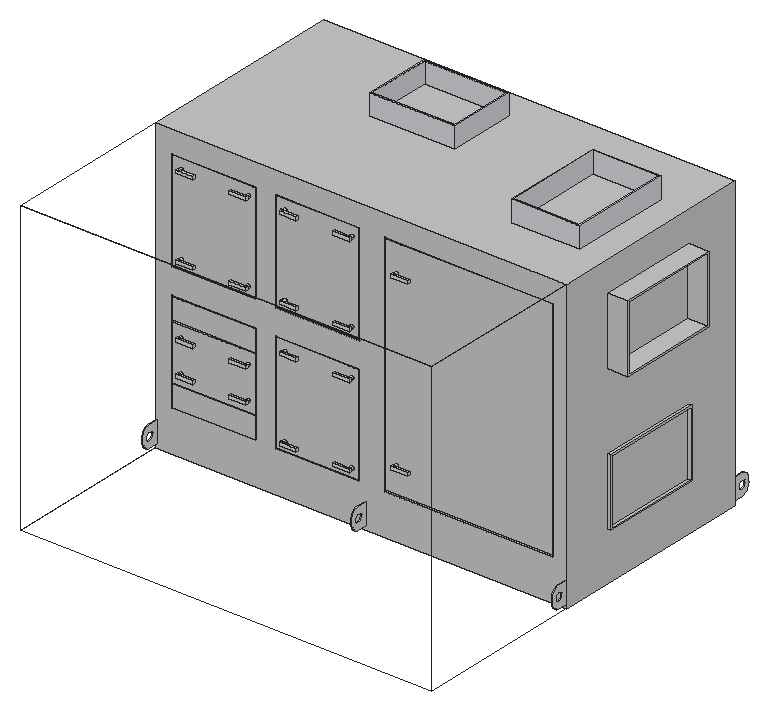
Revit family "DN-2IN-2FP-EC", category Mechanical Equipment, Revit 2016
Family settings
  Part Type = Normal
  Round Connector Dimension = Use Diameter
  OmniClass Number = 23.75.00.00
  OmniClass Title = Climate Control (HVAC)
  Work Plane-Based = No
  Always vertical = Yes
  Cut with Voids When Loaded = No
  Shared = No
  Room Calculation Point = No
Parameters (values of type "2 @ 1.35 kW ea.")
  Voltage [instance] = "200-277 V"
  Unit Weight Range (lbs) [instance] = "1850-2025 lbs."
  Max. Shipping Weight (lbs) [instance] = "2050-2225 lbs."
  Unit Dimensions(L x W x H) [instance] = "103-1/2\" x 59-1/8\" x 73-7/8\""
  Shipping Dimensions (L x W x H) [instance] = "120\" x 90\" x 79\""
  Unit [instance] = Renewaire - Galvanized Steel
  URL = "www.renewaire.com"
  Typical Airflow Range = "375-1,650 CFM"
  Standard Features [instance] = "EC Motors for both airstreams, Direct drive backward inclined plenum, Higher ESP of up to 2\" w.g. at 1,500 CFM, Integrated programmable controls, True 100% face and bypass enthalpy based modulating economizer, Class 1 low leakage motorized isolation dampers, Stainless steel double-sloped drain pan with cooling option, 1\" Double wall foam injected 20 gauge galvanized panel construction with R6.5 insulation"
  Service Area Visibility [instance] = yes
  Service Area Box [instance] = Renewaire - Interference
  Revit Object Download Link [instance] = ""
  Phase [instance] = "Single"
  Options [instance] = "DX, heat pump, or chilled water cooling coil, Modulating hot gas reheat, Steam or hot water coil, Onboard variable frequency drives (VFDs) - both airstreams, Fused disconnect, Spring isolators (VFDs only), 2\" Double wall foam injected 20 gauge galvanized panel construction with R13 insulation, Exterior paint - grey, white, custom color, BACNET factory activation, GFCI convenience outlet, Recirculation damper, Drain overflow switch, Electrofin coating for coils"
  Number Motors [instance] = "Qty. 2, Direct drive motorized impeller packages"
  Model = "DN-2IN-2FP-EC"
  Minimum Circuit Amps [instance] = "15.1 A"
  Maximum Overcurrent Protection [instance] = "20 A"
  Manufacturer = "Renewaire LLC"
  Inlets/Outlets [instance] = "OA & RA Inlets: 24\" x 16\", SA Outlet: 24\" x 16\", EA Outlet: 20\" x 16\""
  Frequency [instance] = "50/60 Hz"
  Filters [instance] = "Total qty. 4, MERV 8: 16\" x 20\" x 2\""
  FLA per Motor [instance] = "6.7-4.8"
  Energy Recovery Type [instance] = "Static plate total energy transfer"
  Description = "Energy Recovery Ventilator"
  Accessories [instance] = "Filters - MERV 13, 2\"  and 4\" (shipped loose), MERV 14, 2\" and 4\" (shipped loose), Additional filters available upon request, Duct mounted electric pre-heater (separately powered), Carbon dioxide sensor/control - wall mount (CO2-W), duct mount (CO2-D), IAQ sensor - wall mount (IAQ-W), duct mount (IAQ-D), Motion occupancy sensor/control - ceiling mount (MC-C), wall mount (MC-W), Smoke detector, Room temperature and humidity sensor, Duct static pressure sensor with display to 10\", without display 0-2\", Room pressure sensor with display to 1\", without display 0-1\", Waterless trap negative pressure, waterless trap positive pressure, Remote display"
  AHRI 1060 Certified Core [instance] = "One L-62-G5 and one L-125-G5"
Types (7): name | Voltage | Phase | Minimum Circuit Amps | Maximum Overcurrent Protection | FLA per Motor
  (no name) | "200-277 V" | "Single" | "15.1 A" | "20 A" | "6.7-4.8"
  2 @ 1.35 kW ea. | "200-277 V" | "Single" | "15.1 A" | "20 A" | "6.7-4.8"
  2 @ 2.70 kW ea. | "200-240 V" | "Three" | "19.4 A" | "25 A" | "8.6-7.2"
  2 @ 3.70 kW ea. | "380-480 V" | "Three" | "13.5 A" | "15 A" | "6.0-4.6"
  2 @ 3HP ea. 208-230V | "208-230 V" | "Three" | "20.3 A" | "25" | "9-8.4/4.2"
  2 @ 3HP ea. 460V | "460V" | "Three" | "9.5 A" | "15 A" | "4.2"
  2 @ 3HP ea. 575V | "575V" | "Three" | "7.4 A" | "15 A" | "3.3"
Reference planes (in)
  plane 1 "Center (Front/Back)": y = 0
  plane 2: z = 0
  plane 3 "Center (Left/Right)": x = 0
  plane 4: x = -37.375
Forms (in)
  Extrusion 1, solid, material "Renewaire - Galvanized Steel" <- "Unit"
    sketch origin (0, 1.00005, 0) x (1, 0, 0) y (0, 1, 0)
      loop
        line (-37.375, 23.99995) -> (-37.375, -26.00005) -> (60, -26.00005) -> (60, 23.99995) -> (-37.375, 23.99995)
    from 0 to 68.875
  Extrusion 2, void
    sketch origin (-0.17691, 0, 0) x (1, 0, 0) y (0, 0, 1)
      loop
        line (-33.22023, 63.824) -> (-33.22023, 39.82399) -> (-13.22023, 39.82399) -> (-13.22023, 63.824) -> (-33.22023, 63.824)
      loop
        line (-8.69064, 63.824) -> (-8.69064, 39.82399) -> (11.30935, 39.82399) -> (11.30935, 63.824) -> (-8.69064, 63.824)
      loop
        line (-33.22023, 33.824) -> (-33.22023, 9.824) -> (-13.22023, 9.824) -> (-13.22023, 33.824) -> (-33.22023, 33.824)
      loop
        line (-8.69064, 33.824) -> (-8.69064, 9.824) -> (11.30935, 9.824) -> (11.30935, 33.824) -> (-8.69064, 33.824)
      loop
        line (17.22532, 63.824) -> (17.22532, 9.824) -> (57.22532, 9.824) -> (57.22532, 63.824) -> (17.22532, 63.824)
    from 24 to 26
  Extrusion 3, void
    sketch origin (-0.17691, 1.00005, 0) x (1, 0, 0) y (0, 1, 0)
      loop
        line (-35.19809, 21.99995) -> (-35.19809, -24.00005) -> (57.89381, -24.00005) -> (57.89381, 21.99995) -> (-35.19809, 21.99995)
    from 0 to 6
  Extrusion 4, solid, material "Renewaire - Galvanized Steel" <- "Unit"
    sketch origin (0, -1, 0) x (0, 1, 0) y (0, 0, 1)
      loop
        line (-12.00006, 61.824) -> (-12.00006, 45.824) -> (11.99994, 45.824) -> (11.99994, 61.824) -> (-12.00006, 61.824)
      loop
        line (-11.75006, 61.574) -> (-11.75006, 46.074) -> (11.74994, 46.074) -> (11.74994, 61.574) -> (-11.75006, 61.574)
    from 60 to 65
  Extrusion 5, void
    sketch origin (-0.17691, 0, 0) x (1, 0, 0) y (0, 1, 0)
      loop
        line (-30.19809, 17.07542) -> (-30.19809, -6.92458) -> (-14.19808, -6.92458) -> (-14.19808, 17.07542) -> (-30.19809, 17.07542)
      loop
        line (37.0919, 10.95041) -> (37.0919, -13.04959) -> (53.09189, -13.04959) -> (53.09189, 10.95041) -> (37.0919, 10.95041)
    from 5 to 6.125
  Extrusion 6, solid, material "Renewaire - Galvanized Steel" <- "Unit"
    sketch origin (-0.1769, 0, 0) x (1, 0, 0) y (0, 0, 1)
      loop
        line (11.30935, 61.82401) -> (-8.69064, 61.82401) -> (-8.69064, 45.82401) -> (11.30935, 45.82401) -> (11.30935, 61.82401)
      loop
        line (11.05935, 61.57401) -> (-8.44064, 61.57401) -> (-8.44064, 46.07401) -> (11.05935, 46.07401) -> (11.05935, 61.57401)
    from -25 to -30
  Extrusion 7, solid, material "Renewaire - Galvanized Steel" <- "Unit"
    sketch origin (0, -1.04951, 0) x (0, 1, 0) y (0, 0, 1)
      loop
        line (18.60019, 30.89209) -> (-5.39982, 30.89209) -> (-5.39982, 14.89209) -> (18.60019, 14.89209) -> (18.60019, 30.89209)
      loop
        line (18.35019, 30.64209) -> (-5.14982, 30.64209) -> (-5.14982, 15.14209) -> (18.35019, 15.14209) -> (18.35019, 30.64209)
    from -37.375 to -38.375
  Extrusion 8, solid, material "Renewaire - Galvanized Steel" <- "Unit"
    sketch origin (0, -1, 0) x (0, 1, 0) y (0, 0, 1)
      loop
        line (-12.00006, 27.784) -> (-12.00006, 11.78399) -> (11.99994, 11.78399) -> (11.99994, 27.784) -> (-12.00006, 27.784)
      loop
        line (-11.75006, 27.534) -> (-11.75006, 12.03399) -> (11.74994, 12.03399) -> (11.74994, 27.534) -> (-11.75006, 27.534)
    from 60 to 61
  Extrusion 9, solid, material "Renewaire - Galvanized Steel" <- "Unit"
    sketch origin (-0.17691, 0, 0) x (1, 0, 0) y (0, 0, 1)
      loop
        line (17.47532, 63.574) -> (17.47532, 10.324) -> (56.97532, 10.324) -> (56.97532, 63.574) -> (17.47532, 63.574)
      loop
        line (-32.97023, 63.574) -> (-32.97023, 40.07399) -> (-13.47023, 40.07399) -> (-13.47023, 63.574) -> (-32.97023, 63.574)
      loop
        line (-8.44064, 63.574) -> (-8.44064, 40.07399) -> (11.05935, 40.07399) -> (11.05935, 63.574) -> (-8.44064, 63.574)
      loop
        line (-8.44064, 33.574) -> (-8.44064, 10.074) -> (11.05935, 10.074) -> (11.05935, 33.574) -> (-8.44064, 33.574)
      loop
        line (-32.97023, 33.574) -> (-32.97023, 28.574) -> (-13.47023, 28.574) -> (-13.47023, 33.574) -> (-32.97023, 33.574)
      loop
        line (-32.97023, 10.074) -> (-13.47023, 10.074) -> (-13.47023, 15.074) -> (-32.97023, 15.074) -> (-32.97023, 10.074)
      loop
        line (-32.97023, 15.324) -> (-13.47023, 15.324) -> (-13.47023, 28.324) -> (-32.97023, 28.324) -> (-32.97023, 15.324)
    from 24 to 25
  Extrusion 10, solid, material "Renewaire - Interference" <- "Service Area Box", visible <- "Service Area Visibility"
    sketch origin (0, -1, 0) x (1, 0, 0) y (0, 1, 0)
      loop
        line (-37.375, -24) -> (-37.375, -64) -> (60, -64) -> (60, -24) -> (-37.375, -24)
    from 68.875 to 0
  Extrusion 11, solid
    sketch origin (0, 0, 0) x (1, 0, 0) y (0, 1, 0)
      loop
        line (-8.05979, 17.95039) -> (-8.05979, 1.95039) -> (11.94019, 1.95039) -> (11.94019, 17.95039) -> (-8.05979, 17.95039)
      loop
        line (-7.80979, 17.70039) -> (-7.80979, 2.20039) -> (11.69019, 2.20039) -> (11.69019, 17.70039) -> (-7.80979, 17.70039)
      loop
        line (37.53999, 10.95041) -> (37.53999, -13.04959) -> (53.53998, -13.04959) -> (53.53998, 10.95041) -> (37.53999, 10.95041)
      loop
        line (37.78999, 10.70041) -> (37.78999, -12.79959) -> (53.28998, -12.79959) -> (53.28998, 10.70041) -> (37.78999, 10.70041)
    from 73.875 to 68.875
Cuts and joins
  Extrusion 2, Extrusion 3, Extrusion 5 cuts Extrusion 1
Dimensions and locks (in)
  aligned and locked: level to plane 2
Nested families (in)
  nested 1: "Lifting Lug" at (-37.125, -25, 0.74999) x (0, -1, 0) z (0, 0, 1), Material <- "Unit", type "Lifting Lug"
    with Material Renewaire - Galvanized Steel
  nested 2: "Lifting Lug" at (12.375, -25, 0.74999) x (0, -1, 0) z (0, 0, 1), Material <- "Unit", type "Lifting Lug"
    with Material Renewaire - Galvanized Steel
  nested 3: "Lifting Lug" at (59.88692, -25, 0.74999) x (0, -1, 0) z (0, 0, 1), Material <- "Unit", type "Lifting Lug"
    with Material Renewaire - Galvanized Steel
  nested 4: "Handle" at (-15.28433, -25, 61.25), type "Handle"
    with Right Handle no, Left Handle yes, Flip yes
  nested 5: "Handle" at (-15.28433, -25, 42.11337), type "Handle"
    with Right Handle no, Left Handle yes, Flip yes
  nested 6: "Handle" at (-31.15613, -25, 61.25) x (-1, 0, 0) z (0, 0, 1), type "Handle"
    with Right Handle no, Left Handle yes, Flip yes
  nested 7: "Handle" at (-31.15613, -25, 42.11337) x (-1, 0, 0) z (0, 0, 1), type "Handle"
    with Right Handle no, Left Handle yes, Flip yes
  nested 8: "Handle" at (9.24525, -25, 61.25), type "Handle"
    with Right Handle no, Left Handle yes, Flip yes
  nested 9: "Handle" at (9.24525, -25, 42.11337), type "Handle"
    with Right Handle no, Left Handle yes, Flip yes
  nested 10: "Handle" at (-6.62654, -25, 61.25) x (-1, 0, 0) z (0, 0, 1), type "Handle"
    with Right Handle no, Left Handle yes, Flip yes
  nested 11: "Handle" at (-6.62654, -25, 42.11337) x (-1, 0, 0) z (0, 0, 1), type "Handle"
    with Right Handle no, Left Handle yes, Flip yes
  nested 12: "Handle" at (9.24525, -25, 31.25), type "Handle"
    with Right Handle no, Left Handle yes, Flip yes
  nested 13: "Handle" at (9.24525, -25, 12.11338), type "Handle"
    with Right Handle no, Left Handle yes, Flip yes
  nested 14: "Handle" at (-6.62654, -25, 31.25) x (-1, 0, 0) z (0, 0, 1), type "Handle"
    with Right Handle no, Left Handle yes, Flip yes
  nested 15: "Handle" at (-6.62654, -25, 12.11338) x (-1, 0, 0) z (0, 0, 1), type "Handle"
    with Right Handle no, Left Handle yes, Flip yes
  nested 16: "Handle" at (-15.28433, -25, 25.5), type "Handle"
    with Right Handle no, Left Handle yes, Flip yes
  nested 17: "Handle" at (-15.28433, -25, 17.86338), type "Handle"
    with Right Handle no, Left Handle yes, Flip yes
  nested 18: "Handle" at (-31.15613, -25, 25.5) x (-1, 0, 0) z (0, 0, 1), type "Handle"
    with Right Handle no, Left Handle yes, Flip yes
  nested 19: "Handle" at (-31.15613, -25, 17.86338) x (-1, 0, 0) z (0, 0, 1), type "Handle"
    with Right Handle no, Left Handle yes, Flip yes
  nested 20: "Lifting Lug" at (-37.125, 25, 0.74999) x (0, 1, 0) z (0, 0, 1), Material <- "Unit", type "Lifting Lug"
    with Material Renewaire - Galvanized Steel
  nested 21: "Lifting Lug" at (12.375, 25, 0.74999) x (0, 1, 0) z (0, 0, 1), Material <- "Unit", type "Lifting Lug"
    with Material Renewaire - Galvanized Steel
  nested 22: "Lifting Lug" at (59.88692, 25, 0.74999) x (0, 1, 0) z (0, 0, 1), Material <- "Unit", type "Lifting Lug"
    with Material Renewaire - Galvanized Steel
  nested 23: "Handle" at (19.76858, -25, 57.0118) x (-1, 0, 0) z (0, 0, 1), type "Handle"
    with Right Handle no, Left Handle yes, Flip yes
  nested 24: "Handle" at (19.76858, -25, 16.2618) x (-1, 0, 0) z (0, 0, 1), type "Handle"
    with Right Handle no, Left Handle yes, Flip yes
Connectors (in)
  hvac at (65, -1.00006, 53.824)
    settings: on Extrusion 4, index 1, duct flow 0 CFM, flow factor 0, pres drop 0.00 in-wg, loss coef 0, conn angle 0.00°, conn width 24", conn height 16", conn diameter 24", duct sys type 4, conn prof type 1, flow config 0, flow direction 1, loss method 0, conn ref index -1, conn util no, is conn primary yes, conn desc "Outside Air (OA)"
  hvac at (61, -1.00006, 19.784)
    settings: on Extrusion 8, index 2, duct flow 0 CFM, flow factor 0, pres drop 0.00 in-wg, loss coef 0, conn angle 0.00°, conn width 24", conn height 16", conn diameter 24", duct sys type 2, conn prof type 1, flow config 0, flow direction 1, loss method 0, conn ref index -1, conn util no, is conn primary no, conn desc "Return Air (RA)"
  hvac at (1.13245, 30, 53.82401)
    settings: on Extrusion 6, index 5, duct flow 0 CFM, flow factor 0, pres drop 0.00 in-wg, loss coef 0, conn angle 0.00°, conn width 20", conn height 16", conn diameter 24", duct sys type 3, conn prof type 1, flow config 0, flow direction 2, loss method 0, conn ref index -1, conn util no, is conn primary no, conn desc "Exhaust Air (EA)"
  hvac at (-38.375, 5.55067, 22.89209)
    settings: on Extrusion 7, index 6, duct flow 0 CFM, flow factor 0, pres drop 0.00 in-wg, loss coef 0, conn angle 0.00°, conn width 24", conn height 16", conn diameter 24", duct sys type 1, conn prof type 1, flow config 0, flow direction 2, loss method 0, conn ref index -1, conn util no, is conn primary no, conn desc "Supply Air (SA)"
  hvac at (-22.375, 5.07542, 6.125)
    settings: on cut or joined group of Extrusion 1, Extrusion 2, Extrusion 3, Extrusion 5, index 7, duct flow 0 CFM, flow factor 0, pres drop 0.00 in-wg, loss coef 0, conn angle 0.00°, conn width 24", conn height 16", conn diameter 24", duct sys type 1, conn prof type 1, flow config 0, flow direction 2, loss method 0, conn ref index -1, conn util no, is conn primary no, conn desc "Supply Air (SA)"
  hvac at (44.91498, -1.04959, 6.125)
    settings: on cut or joined group of Extrusion 1, Extrusion 2, Extrusion 3, Extrusion 5, index 9, duct flow 0 CFM, flow factor 0, pres drop 0.00 in-wg, loss coef 0, conn angle 0.00°, conn width 24", conn height 16", conn diameter 24", duct sys type 2, conn prof type 1, flow config 0, flow direction 1, loss method 0, conn ref index -1, conn util no, is conn primary no, conn desc "Return Air (RA)"
  hvac at (45.53998, -1.04959, 73.875)
    settings: on Extrusion 11, index 10, duct flow 0 CFM, flow factor 0, pres drop 0.00 in-wg, loss coef 0, conn angle 0.00°, conn width 16", conn height 24", conn diameter 24", duct sys type 4, conn prof type 1, flow config 0, flow direction 1, loss method 0, conn ref index -1, conn util no, is conn primary no, conn desc "Outside Air (OA)"
  hvac at (1.9402, 9.95039, 73.875)
    settings: on Extrusion 11, index 11, duct flow 0 CFM, flow factor 0, pres drop 0.00 in-wg, loss coef 0, conn angle 0.00°, conn width 20", conn height 16", conn diameter 24", duct sys type 3, conn prof type 1, flow config 0, flow direction 2, loss method 0, conn ref index -1, conn util no, is conn primary no, conn desc "Exhaust Air (EA)"
Definition of nested family "Lifting Lug"
  Parameters (values of type "Lifting Lug")
    Material [instance] = none
  Reference planes (in)
    plane 1 "Center (Front/Back)": y = 0
    plane 2: z = 0
    plane 3 "Center (Left/Right)": x = 0
  Forms (in)
    Extrusion 1, solid
      sketch origin (0, 0, 0) x (1, 0, 0) y (0, 0, 1)
        loop
          line (0, 0.1875) -> (2, 0.1875)
          arc (2, 0.1875) -> (3.41421, 0.77329) -> (4, 2.1875) r 2
          line (4, 2.1875) -> (4, 3.1875)
          arc (4, 3.1875) -> (3.41421, 4.60171) -> (2, 5.1875) r 2
          line (2, 5.1875) -> (0, 5.1875) -> (0, 0.1875)
        loop
          circle (2.125, 2.6875) r 1
      from 0 to 0.25
  Dimensions and locks (in)
    aligned and locked: plane 2 to level
Definition of nested family "Handle"
  Parameters (values of type "Handle")
    Right Handle [instance] = not(Flip)  # no
    Material = none
    Left Handle [instance] = Flip  # yes
    Flip [instance] = yes
  Reference planes (in)
    plane 1 "Center (Front/Back)": y = 0
    plane 2: z = 0
    plane 3 "Center (Left/Right)": x = 0
  Forms (in)
    Extrusion 1, solid, material <- "Material"
      sketch origin (0, 0, 0) x (1, 0, 0) y (0, 0, 1)
        loop
          circle (0, 0) r 0.375
      from 0 to 0.75
    Extrusion 2, solid, material <- "Material", visible <- "Right Handle"
      sketch origin (0, 0, 0) x (1, 0, 0) y (0, 1, 0)
        loop
          line (-0.375, -0.75) -> (-0.375, -1.25) -> (3.625, -1.25) -> (3.625, -0.75) -> (-0.375, -0.75)
      from -0.375 to 0.375
    Extrusion 3, solid, material <- "Material", visible <- "Left Handle"
      sketch origin (-3.25, 0, 0) x (1, 0, 0) y (0, 1, 0)
        loop
          line (-0.375, -0.75) -> (-0.375, -1.25) -> (3.625, -1.25) -> (3.625, -0.75) -> (-0.375, -0.75)
      from -0.375 to 0.375
  Dimensions and locks (in)
    aligned and locked: plane 2 to level
